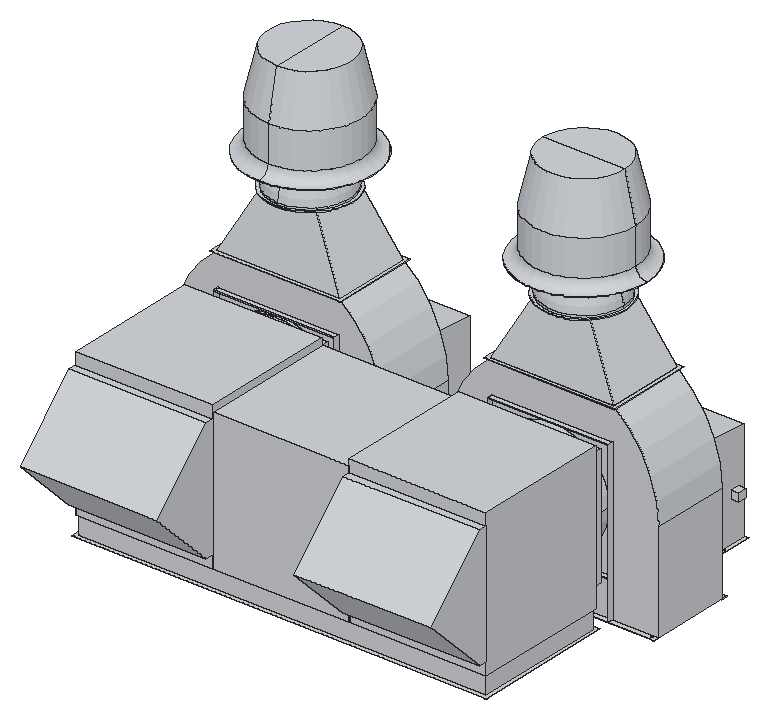
Revit family "Dual_CAVP_with_Mixing_Box", category Mechanical Equipment, Revit 2019 (continued)
Types (228): name | TRANSITION/2 | TRANSITION | RO2/2 | RO/2 | N_B_R+1.5" | MB_P+MB_P+.5 | E/52*30 | E/2-H/2 | E-N-N-H | E-(NOZZLE_RAD/3*2) | DUAL_Q-4.5" | DUAL_Q+.25" | DUAL_Q | R-((B/2)+1.5") | R+((B/2)+1.5") | R*1.1 | R | MB_P-4.5" | MB_P+.25" | P | NOZZLE_WB_RAD-2" | NOZZLE_WB_RAD | NOZZLE_WB_OD | NOZZLE_WB/4 | NOZZLE_TOP_RAD | NOZZLE_TOP_OD | NOZZLE_SIZE | NOZZLE_HEIGHT/7*2 | NOZZLE_HEIGHT | NOZZLE_BOTTOM_RAD-3*2 | NOZZLE_BOTTOM_RAD | NOZZLE_BOTTOM_ID | MB_N-(D-J-K-L) | N+(H/2) | N | MB_Q | MB_P | MB_N | MB_HEIGHT/2 | MB_HEIGHT | MB_F | MB_A | M-(2*(D-L-K-J)) | M | L | K | J+K+L | J | HEIGHT | H/2 | H | F/2 | MB_F-3" | F | E/52*15 | E/2 | E | D-M | D-L-K-J | D | CLASS | C/2 | C | B/4 | B/2 | B | A/2 | A | Type Comments | -MB_P-.25 | -MB_P | -MB_HEIGHT | -(F-((F-H)/2))/2 | -((MB_Q / 2) + 1/8") | (NOZZLE_WB_OD - NOZZLE_TOP_OD) / 4 | (NOZZLE_HEIGHT - (NOZZLE_HEIGHT / 8 * 2)) / 2 | (MB_Q/2)+.125" | (MB_P/2-.125")-((F / 2) - 2") | (MB_P/2-.125")+((F / 2) - 2") | (MB_P/2)+.125" | (M - (2 * (D - L - K - J)))/2 | (F-((F-H)/2))/2 | (E/2)-(E/52*15) | (E/2)-((MB_P/2)+.125") | (E/2)-((B/2)+1.5") | (D-J-K-L)*2 | (B/2)-.125" | (B/2)+1.5" | ((M - (2 * (D - L - K - J))) / 2) + (TRANSITION / 2)
  Dual_300_CAVP-15H_CLASS_2_With_Mixing_Box | 7.5572" | 15.11441" | 66 15/16" | 20 3/4" | 12 3/16" | 92 1/2" | 36.77885" | 14 3/16" | 2" | 24 3/4" | 133 7/8" | 138 5/8" | 138 3/8" | 11 1/32" | 48 31/32" | 33" | 30" | 41 1/2" | 46 1/4" | 18 1/4" | 16" | 18" | 36" | 7.2" | 11 1/2" | 23" | 15" | 10 3/4" | 43" | 4 11/16" | 10 11/16" | 21 3/8" | 13 3/16" | 29 7/8" | 12 3/16" | 46" | 46" | 14 3/16" | 25 3/8" | 50 3/4" | 7 3/4" | 144" | 23 3/16" | 25 3/16" | 27 3/16" | 23" | 60 3/16" | 10" | 57.83963" | 17 11/16" | 35 3/8" | 18 11/16" | 4 3/4" | 37 3/8" | 18.38942" | 31 7/8" | 63 3/4" | 36" | 1" | 61 3/16" | 2" | 37 15/32" | 74 15/16" | 8 47/64" | 17 15/32" | 34 15/16" | 61 7/32" | 122 7/16" | "Dual Vari-Plume Laboratory Exhaust Centrifugal Airfoil Class 2 Arr 10 With Mixing Box" | -46 1/4" | -46" | -50 3/4" | -16 11/16" | -23 1/8" | 3 1/4" | 16 1/8" | 23 1/8" | -6 3/16" | -39 9/16" | 23 1/8" | 11 19/32" | 16 11/16" | 13.48558" | 8 3/4" | 12 29/32" | 2" | 17 11/32" | 18 31/32" | 19.15095"
  Dual_300_CAVP-18L_CLASS_2_With_Mixing_Box | 9.05981" | 18.11961" | 66 15/16" | 20 3/4" | 14 5/16" | 92 1/2" | 36.77885" | 14 3/16" | 2" | 23.33333" | 133 7/8" | 138 5/8" | 138 3/8" | 11 1/32" | 48 31/32" | 33" | 30" | 41 1/2" | 46 1/4" | 18 1/4" | 19 1/2" | 21 1/2" | 43" | 8.6" | 13 3/4" | 27 1/2" | 18" | 12" | 48" | 6 13/16" | 12 13/16" | 25 5/8" | 13 3/16" | 29 7/8" | 12 3/16" | 46" | 46" | 14 3/16" | 25 3/8" | 50 3/4" | 7 3/4" | 144" | 23 3/16" | 25 3/16" | 27 3/16" | 23" | 60 3/16" | 10" | 57.83963" | 17 11/16" | 35 3/8" | 18 11/16" | 4 3/4" | 37 3/8" | 18.38942" | 31 7/8" | 63 3/4" | 36" | 1" | 61 3/16" | 2" | 37 15/32" | 74 15/16" | 8 47/64" | 17 15/32" | 34 15/16" | 61 7/32" | 122 7/16" | "Dual Vari-Plume Laboratory Exhaust Centrifugal Airfoil Class 2 Arr 10 With Mixing Box" | -46 1/4" | -46" | -50 3/4" | -16 11/16" | -23 1/8" | 3 7/8" | 18" | 23 1/8" | -6 3/16" | -39 9/16" | 23 1/8" | 11 19/32" | 16 11/16" | 13.48558" | 8 3/4" | 12 29/32" | 2" | 17 11/32" | 18 31/32" | 20.65356"
  Dual_300_CAVP-18H_CLASS_2_With_Mixing_Box | 9.05981" | 18.11961" | 66 15/16" | 20 3/4" | 14 5/16" | 92 1/2" | 36.77885" | 14 3/16" | 2" | 23.33333" | 133 7/8" | 138 5/8" | 138 3/8" | 11 1/32" | 48 31/32" | 33" | 30" | 41 1/2" | 46 1/4" | 18 1/4" | 19 1/2" | 21 1/2" | 43" | 8.6" | 13 3/4" | 27 1/2" | 18" | 12" | 48" | 6 13/16" | 12 13/16" | 25 5/8" | 13 3/16" | 29 7/8" | 12 3/16" | 46" | 46" | 14 3/16" | 25 3/8" | 50 3/4" | 7 3/4" | 144" | 23 3/16" | 25 3/16" | 27 3/16" | 23" | 60 3/16" | 10" | 57.83963" | 17 11/16" | 35 3/8" | 18 11/16" | 4 3/4" | 37 3/8" | 18.38942" | 31 7/8" | 63 3/4" | 36" | 1" | 61 3/16" | 2" | 37 15/32" | 74 15/16" | 8 47/64" | 17 15/32" | 34 15/16" | 61 7/32" | 122 7/16" | "Dual Vari-Plume Laboratory Exhaust Centrifugal Airfoil Class 2 Arr 10 With Mixing Box" | -46 1/4" | -46" | -50 3/4" | -16 11/16" | -23 1/8" | 3 7/8" | 18" | 23 1/8" | -6 3/16" | -39 9/16" | 23 1/8" | 11 19/32" | 16 11/16" | 13.48558" | 8 3/4" | 12 29/32" | 2" | 17 11/32" | 18 31/32" | 20.65356"
  Dual_330_CAVP-15L_CLASS_1_With_Mixing_Box | 7.5572" | 15.11441" | 71 7/16" | 22 1/4" | 12 3/16" | 98 1/2" | 40.34856" | 15 25/32" | 2" | 27 27/32" | 142 7/8" | 147 5/8" | 147 3/8" | 12 17/32" | 53 15/32" | 36.3" | 33" | 44 1/2" | 49 1/4" | 60" | 16" | 18" | 36" | 7.2" | 11 1/2" | 23" | 15" | 10 3/4" | 43" | 4 11/16" | 10 11/16" | 21 3/8" | 13 3/16" | 32 31/32" | 13 25/32" | 49" | 49" | 14 3/16" | 26 7/8" | 53 3/4" | 9 1/4" | 148 1/16" | 25 1/2" | 27 1/2" | 29 1/2" | 19 1/4" | 59 1/4" | 10 1/2" | 63.54171" | 19 3/16" | 38 3/8" | 20 3/16" | 6 1/4" | 40 3/8" | 20.17428" | 34 31/32" | 69 15/16" | 32 3/4" | 1" | 60 1/4" | 1" | 41 13/32" | 82 13/16" | 9 31/64" | 18 31/32" | 37 15/16" | 72 7/32" | 144 7/16" | "Dual Vari-Plume Laboratory Exhaust Centrifugal Airfoil Class 1 Arr 10 With Mixing Box" | -49 1/4" | -49" | -53 3/4" | -18 3/16" | -24 5/8" | 3 1/4" | 16 1/8" | 24 5/8" | -6 3/16" | -42 9/16" | 24 5/8" | 12 3/4" | 18 3/16" | 14.79447" | 10 11/32" | 14 1/2" | 2" | 18 27/32" | 20 15/32" | 20.3072"
  Dual_330_CAVP-15H_CLASS_1_With_Mixing_Box | 7.5572" | 15.11441" | 71 7/16" | 22 1/4" | 12 3/16" | 98 1/2" | 40.34856" | 15 25/32" | 2" | 27 27/32" | 142 7/8" | 147 5/8" | 147 3/8" | 12 17/32" | 53 15/32" | 36.3" | 33" | 44 1/2" | 49 1/4" | 60" | 16" | 18" | 36" | 7.2" | 11 1/2" | 23" | 15" | 10 3/4" | 43" | 4 11/16" | 10 11/16" | 21 3/8" | 13 3/16" | 32 31/32" | 13 25/32" | 49" | 49" | 14 3/16" | 26 7/8" | 53 3/4" | 9 1/4" | 148 1/16" | 25 1/2" | 27 1/2" | 29 1/2" | 19 1/4" | 59 1/4" | 10 1/2" | 63.54171" | 19 3/16" | 38 3/8" | 20 3/16" | 6 1/4" | 40 3/8" | 20.17428" | 34 31/32" | 69 15/16" | 32 3/4" | 1" | 60 1/4" | 1" | 41 13/32" | 82 13/16" | 9 31/64" | 18 31/32" | 37 15/16" | 72 7/32" | 144 7/16" | "Dual Vari-Plume Laboratory Exhaust Centrifugal Airfoil Class 1 Arr 10 With Mixing Box" | -49 1/4" | -49" | -53 3/4" | -18 3/16" | -24 5/8" | 3 1/4" | 16 1/8" | 24 5/8" | -6 3/16" | -42 9/16" | 24 5/8" | 12 3/4" | 18 3/16" | 14.79447" | 10 11/32" | 14 1/2" | 2" | 18 27/32" | 20 15/32" | 20.3072"
  Dual_330_CAVP-18L_CLASS_1_With_Mixing_Box | 9.05981" | 18.11961" | 71 7/16" | 22 1/4" | 14 5/16" | 98 1/2" | 40.34856" | 15 25/32" | 2" | 26.42708" | 142 7/8" | 147 5/8" | 147 3/8" | 12 17/32" | 53 15/32" | 36.3" | 33" | 44 1/2" | 49 1/4" | 60" | 19 1/2" | 21 1/2" | 43" | 8.6" | 13 3/4" | 27 1/2" | 18" | 12" | 48" | 6 13/16" | 12 13/16" | 25 5/8" | 13 3/16" | 32 31/32" | 13 25/32" | 49" | 49" | 14 3/16" | 26 7/8" | 53 3/4" | 9 1/4" | 148 1/16" | 25 1/2" | 27 1/2" | 29 1/2" | 19 1/4" | 59 1/4" | 10 1/2" | 63.54171" | 19 3/16" | 38 3/8" | 20 3/16" | 6 1/4" | 40 3/8" | 20.17428" | 34 31/32" | 69 15/16" | 32 3/4" | 1" | 60 1/4" | 1" | 41 13/32" | 82 13/16" | 9 31/64" | 18 31/32" | 37 15/16" | 72 7/32" | 144 7/16" | "Dual Vari-Plume Laboratory Exhaust Centrifugal Airfoil Class 1 Arr 10 With Mixing Box" | -49 1/4" | -49" | -53 3/4" | -18 3/16" | -24 5/8" | 3 7/8" | 18" | 24 5/8" | -6 3/16" | -42 9/16" | 24 5/8" | 12 3/4" | 18 3/16" | 14.79447" | 10 11/32" | 14 1/2" | 2" | 18 27/32" | 20 15/32" | 21.80981"
  Dual_330_CAVP-18H_CLASS_1_With_Mixing_Box | 9.05981" | 18.11961" | 71 7/16" | 22 1/4" | 14 5/16" | 98 1/2" | 40.34856" | 15 25/32" | 2" | 26.42708" | 142 7/8" | 147 5/8" | 147 3/8" | 12 17/32" | 53 15/32" | 36.3" | 33" | 44 1/2" | 49 1/4" | 60" | 19 1/2" | 21 1/2" | 43" | 8.6" | 13 3/4" | 27 1/2" | 18" | 12" | 48" | 6 13/16" | 12 13/16" | 25 5/8" | 13 3/16" | 32 31/32" | 13 25/32" | 49" | 49" | 14 3/16" | 26 7/8" | 53 3/4" | 9 1/4" | 148 1/16" | 25 1/2" | 27 1/2" | 29 1/2" | 19 1/4" | 59 1/4" | 10 1/2" | 63.54171" | 19 3/16" | 38 3/8" | 20 3/16" | 6 1/4" | 40 3/8" | 20.17428" | 34 31/32" | 69 15/16" | 32 3/4" | 1" | 60 1/4" | 1" | 41 13/32" | 82 13/16" | 9 31/64" | 18 31/32" | 37 15/16" | 72 7/32" | 144 7/16" | "Dual Vari-Plume Laboratory Exhaust Centrifugal Airfoil Class 1 Arr 10 With Mixing Box" | -49 1/4" | -49" | -53 3/4" | -18 3/16" | -24 5/8" | 3 7/8" | 18" | 24 5/8" | -6 3/16" | -42 9/16" | 24 5/8" | 12 3/4" | 18 3/16" | 14.79447" | 10 11/32" | 14 1/2" | 2" | 18 27/32" | 20 15/32" | 21.80981"
  Dual_330_CAVP-24L_CLASS_1_With_Mixing_Box | 12.28598" | 24.57196" | 71 7/16" | 22 1/4" | 18 7/8" | 98 1/2" | 40.34856" | 15 25/32" | 2" | 23.38542" | 142 7/8" | 147 5/8" | 147 3/8" | 12 17/32" | 53 15/32" | 36.3" | 33" | 44 1/2" | 49 1/4" | 60" | 28 1/2" | 30 1/2" | 61" | 12.2" | 18 1/4" | 36 1/2" | 24" | 15 1/2" | 62" | 11 3/8" | 17 3/8" | 34 3/4" | 13 3/16" | 32 31/32" | 13 25/32" | 49" | 49" | 14 3/16" | 26 7/8" | 53 3/4" | 9 1/4" | 148 1/16" | 25 1/2" | 27 1/2" | 29 1/2" | 19 1/4" | 59 1/4" | 10 1/2" | 63.54171" | 19 3/16" | 38 3/8" | 20 3/16" | 6 1/4" | 40 3/8" | 20.17428" | 34 31/32" | 69 15/16" | 32 3/4" | 1" | 60 1/4" | 1" | 41 13/32" | 82 13/16" | 9 31/64" | 18 31/32" | 37 15/16" | 72 7/32" | 144 7/16" | "Dual Vari-Plume Laboratory Exhaust Centrifugal Airfoil Class 1 Arr 10 With Mixing Box" | -49 1/4" | -49" | -53 3/4" | -18 3/16" | -24 5/8" | 6 1/8" | 23 1/4" | 24 5/8" | -6 3/16" | -42 9/16" | 24 5/8" | 12 3/4" | 18 3/16" | 14.79447" | 10 11/32" | 14 1/2" | 2" | 18 27/32" | 20 15/32" | 25.03598"
  Dual_330_CAVP-24H_CLASS_1_With_Mixing_Box | 12.28598" | 24.57196" | 71 7/16" | 22 1/4" | 18 7/8" | 98 1/2" | 40.34856" | 15 25/32" | 2" | 23.38542" | 142 7/8" | 147 5/8" | 147 3/8" | 12 17/32" | 53 15/32" | 36.3" | 33" | 44 1/2" | 49 1/4" | 60" | 28 1/2" | 30 1/2" | 61" | 12.2" | 18 1/4" | 36 1/2" | 24" | 15 1/2" | 62" | 11 3/8" | 17 3/8" | 34 3/4" | 13 3/16" | 32 31/32" | 13 25/32" | 49" | 49" | 14 3/16" | 26 7/8" | 53 3/4" | 9 1/4" | 148 1/16" | 25 1/2" | 27 1/2" | 29 1/2" | 19 1/4" | 59 1/4" | 10 1/2" | 63.54171" | 19 3/16" | 38 3/8" | 20 3/16" | 6 1/4" | 40 3/8" | 20.17428" | 34 31/32" | 69 15/16" | 32 3/4" | 1" | 60 1/4" | 1" | 41 13/32" | 82 13/16" | 9 31/64" | 18 31/32" | 37 15/16" | 72 7/32" | 144 7/16" | "Dual Vari-Plume Laboratory Exhaust Centrifugal Airfoil Class 1 Arr 10 With Mixing Box" | -49 1/4" | -49" | -53 3/4" | -18 3/16" | -24 5/8" | 6 1/8" | 23 1/4" | 24 5/8" | -6 3/16" | -42 9/16" | 24 5/8" | 12 3/4" | 18 3/16" | 14.79447" | 10 11/32" | 14 1/2" | 2" | 18 27/32" | 20 15/32" | 25.03598"
  Dual_330_CAVP-15L_CLASS_2_With_Mixing_Box | 7.5572" | 15.11441" | 71 7/16" | 22 1/4" | 12 3/16" | 98 1/2" | 40.34856" | 15 25/32" | 2" | 27 27/32" | 142 7/8" | 147 5/8" | 147 3/8" | 12 17/32" | 53 15/32" | 36.3" | 33" | 44 1/2" | 49 1/4" | 60" | 16" | 18" | 36" | 7.2" | 11 1/2" | 23" | 15" | 10 3/4" | 43" | 4 11/16" | 10 11/16" | 21 3/8" | 13 3/16" | 32 31/32" | 13 25/32" | 49" | 49" | 14 3/16" | 26 7/8" | 53 3/4" | 9 1/4" | 151 13/16" | 25 1/2" | 27 1/2" | 29 1/2" | 23" | 63" | 10 1/2" | 63.54171" | 19 3/16" | 38 3/8" | 20 3/16" | 6 1/4" | 40 3/8" | 20.17428" | 34 31/32" | 69 15/16" | 36 1/2" | 1" | 64" | 2" | 41 13/32" | 82 13/16" | 9 31/64" | 18 31/32" | 37 15/16" | 72 7/32" | 144 7/16" | "Dual Vari-Plume Laboratory Exhaust Centrifugal Airfoil Class 2 Arr 10 With Mixing Box" | -49 1/4" | -49" | -53 3/4" | -18 3/16" | -24 5/8" | 3 1/4" | 16 1/8" | 24 5/8" | -6 3/16" | -42 9/16" | 24 5/8" | 12 3/4" | 18 3/16" | 14.79447" | 10 11/32" | 14 1/2" | 2" | 18 27/32" | 20 15/32" | 20.3072"
  Dual_330_CAVP-15H_CLASS_2_With_Mixing_Box | 7.5572" | 15.11441" | 71 7/16" | 22 1/4" | 12 3/16" | 98 1/2" | 40.34856" | 15 25/32" | 2" | 27 27/32" | 142 7/8" | 147 5/8" | 147 3/8" | 12 17/32" | 53 15/32" | 36.3" | 33" | 44 1/2" | 49 1/4" | 60" | 16" | 18" | 36" | 7.2" | 11 1/2" | 23" | 15" | 10 3/4" | 43" | 4 11/16" | 10 11/16" | 21 3/8" | 13 3/16" | 32 31/32" | 13 25/32" | 49" | 49" | 14 3/16" | 26 7/8" | 53 3/4" | 9 1/4" | 151 13/16" | 25 1/2" | 27 1/2" | 29 1/2" | 23" | 63" | 10 1/2" | 63.54171" | 19 3/16" | 38 3/8" | 20 3/16" | 6 1/4" | 40 3/8" | 20.17428" | 34 31/32" | 69 15/16" | 36 1/2" | 1" | 64" | 2" | 41 13/32" | 82 13/16" | 9 31/64" | 18 31/32" | 37 15/16" | 72 7/32" | 144 7/16" | "Dual Vari-Plume Laboratory Exhaust Centrifugal Airfoil Class 2 Arr 10 With Mixing Box" | -49 1/4" | -49" | -53 3/4" | -18 3/16" | -24 5/8" | 3 1/4" | 16 1/8" | 24 5/8" | -6 3/16" | -42 9/16" | 24 5/8" | 12 3/4" | 18 3/16" | 14.79447" | 10 11/32" | 14 1/2" | 2" | 18 27/32" | 20 15/32" | 20.3072"
  Dual_330_CAVP-18L_CLASS_2_With_Mixing_Box | 9.05981" | 18.11961" | 71 7/16" | 22 1/4" | 14 5/16" | 98 1/2" | 40.34856" | 15 25/32" | 2" | 26.42708" | 142 7/8" | 147 5/8" | 147 3/8" | 12 17/32" | 53 15/32" | 36.3" | 33" | 44 1/2" | 49 1/4" | 60" | 19 1/2" | 21 1/2" | 43" | 8.6" | 13 3/4" | 27 1/2" | 18" | 12" | 48" | 6 13/16" | 12 13/16" | 25 5/8" | 13 3/16" | 32 31/32" | 13 25/32" | 49" | 49" | 14 3/16" | 26 7/8" | 53 3/4" | 9 1/4" | 151 13/16" | 25 1/2" | 27 1/2" | 29 1/2" | 23" | 63" | 10 1/2" | 63.54171" | 19 3/16" | 38 3/8" | 20 3/16" | 6 1/4" | 40 3/8" | 20.17428" | 34 31/32" | 69 15/16" | 36 1/2" | 1" | 64" | 2" | 41 13/32" | 82 13/16" | 9 31/64" | 18 31/32" | 37 15/16" | 72 7/32" | 144 7/16" | "Dual Vari-Plume Laboratory Exhaust Centrifugal Airfoil Class 2 Arr 10 With Mixing Box" | -49 1/4" | -49" | -53 3/4" | -18 3/16" | -24 5/8" | 3 7/8" | 18" | 24 5/8" | -6 3/16" | -42 9/16" | 24 5/8" | 12 3/4" | 18 3/16" | 14.79447" | 10 11/32" | 14 1/2" | 2" | 18 27/32" | 20 15/32" | 21.80981"
  Dual_330_CAVP-18H_CLASS_2_With_Mixing_Box | 9.05981" | 18.11961" | 71 7/16" | 22 1/4" | 14 5/16" | 98 1/2" | 40.34856" | 15 25/32" | 2" | 26.42708" | 142 7/8" | 147 5/8" | 147 3/8" | 12 17/32" | 53 15/32" | 36.3" | 33" | 44 1/2" | 49 1/4" | 60" | 19 1/2" | 21 1/2" | 43" | 8.6" | 13 3/4" | 27 1/2" | 18" | 12" | 48" | 6 13/16" | 12 13/16" | 25 5/8" | 13 3/16" | 32 31/32" | 13 25/32" | 49" | 49" | 14 3/16" | 26 7/8" | 53 3/4" | 9 1/4" | 151 13/16" | 25 1/2" | 27 1/2" | 29 1/2" | 23" | 63" | 10 1/2" | 63.54171" | 19 3/16" | 38 3/8" | 20 3/16" | 6 1/4" | 40 3/8" | 20.17428" | 34 31/32" | 69 15/16" | 36 1/2" | 1" | 64" | 2" | 41 13/32" | 82 13/16" | 9 31/64" | 18 31/32" | 37 15/16" | 72 7/32" | 144 7/16" | "Dual Vari-Plume Laboratory Exhaust Centrifugal Airfoil Class 2 Arr 10 With Mixing Box" | -49 1/4" | -49" | -53 3/4" | -18 3/16" | -24 5/8" | 3 7/8" | 18" | 24 5/8" | -6 3/16" | -42 9/16" | 24 5/8" | 12 3/4" | 18 3/16" | 14.79447" | 10 11/32" | 14 1/2" | 2" | 18 27/32" | 20 15/32" | 21.80981"
  Dual_330_CAVP-24L_CLASS_2_With_Mixing_Box | 12.28598" | 24.57196" | 71 7/16" | 22 1/4" | 18 7/8" | 98 1/2" | 40.34856" | 15 25/32" | 2" | 23.38542" | 142 7/8" | 147 5/8" | 147 3/8" | 12 17/32" | 53 15/32" | 36.3" | 33" | 44 1/2" | 49 1/4" | 60" | 28 1/2" | 30 1/2" | 61" | 12.2" | 18 1/4" | 36 1/2" | 24" | 15 1/2" | 62" | 11 3/8" | 17 3/8" | 34 3/4" | 13 3/16" | 32 31/32" | 13 25/32" | 49" | 49" | 14 3/16" | 26 7/8" | 53 3/4" | 9 1/4" | 151 13/16" | 25 1/2" | 27 1/2" | 29 1/2" | 23" | 63" | 10 1/2" | 63.54171" | 19 3/16" | 38 3/8" | 20 3/16" | 6 1/4" | 40 3/8" | 20.17428" | 34 31/32" | 69 15/16" | 36 1/2" | 1" | 64" | 2" | 41 13/32" | 82 13/16" | 9 31/64" | 18 31/32" | 37 15/16" | 72 7/32" | 144 7/16" | "Dual Vari-Plume Laboratory Exhaust Centrifugal Airfoil Class 2 Arr 10 With Mixing Box" | -49 1/4" | -49" | -53 3/4" | -18 3/16" | -24 5/8" | 6 1/8" | 23 1/4" | 24 5/8" | -6 3/16" | -42 9/16" | 24 5/8" | 12 3/4" | 18 3/16" | 14.79447" | 10 11/32" | 14 1/2" | 2" | 18 27/32" | 20 15/32" | 25.03598"
  Dual_330_CAVP-24H_CLASS_2_With_Mixing_Box | 12.28598" | 24.57196" | 71 7/16" | 22 1/4" | 18 7/8" | 98 1/2" | 40.34856" | 15 25/32" | 2" | 23.38542" | 142 7/8" | 147 5/8" | 147 3/8" | 12 17/32" | 53 15/32" | 36.3" | 33" | 44 1/2" | 49 1/4" | 60" | 28 1/2" | 30 1/2" | 61" | 12.2" | 18 1/4" | 36 1/2" | 24" | 15 1/2" | 62" | 11 3/8" | 17 3/8" | 34 3/4" | 13 3/16" | 32 31/32" | 13 25/32" | 49" | 49" | 14 3/16" | 26 7/8" | 53 3/4" | 9 1/4" | 151 13/16" | 25 1/2" | 27 1/2" | 29 1/2" | 23" | 63" | 10 1/2" | 63.54171" | 19 3/16" | 38 3/8" | 20 3/16" | 6 1/4" | 40 3/8" | 20.17428" | 34 31/32" | 69 15/16" | 36 1/2" | 1" | 64" | 2" | 41 13/32" | 82 13/16" | 9 31/64" | 18 31/32" | 37 15/16" | 72 7/32" | 144 7/16" | "Dual Vari-Plume Laboratory Exhaust Centrifugal Airfoil Class 2 Arr 10 With Mixing Box" | -49 1/4" | -49" | -53 3/4" | -18 3/16" | -24 5/8" | 6 1/8" | 23 1/4" | 24 5/8" | -6 3/16" | -42 9/16" | 24 5/8" | 12 3/4" | 18 3/16" | 14.79447" | 10 11/32" | 14 1/2" | 2" | 18 27/32" | 20 15/32" | 25.03598"
  Dual_365_CAVP-15L_CLASS_1_With_Mixing_Box | 7.5572" | 15.11441" | 75 15/16" | 23 3/4" | 12 3/16" | 104 1/2" | 44.60337" | 17 7/32" | 2" | 31 17/32" | 151 7/8" | 156 5/8" | 156 3/8" | 13 9/32" | 58 23/32" | 39.6" | 36" | 47 1/2" | 52 1/4" | 18 1/4" | 16" | 18" | 36" | 7.2" | 11 1/2" | 23" | 15" | 10 3/4" | 43" | 4 11/16" | 10 11/16" | 21 3/8" | 13 3/16" | 36 21/32" | 15 7/32" | 52" | 52" | 14 3/16" | 29 1/8" | 58 1/4" | 10 1/2" | 160 5/16" | 28 1/8" | 30 1/8" | 32 1/8" | 22 3/4" | 65 7/8" | 11" | 69.76237" | 21 7/16" | 42 7/8" | 22 7/16" | 7 1/2" | 44 7/8" | 22.30168" | 38 21/32" | 77 5/16" | 36 3/4" | 1" | 66 7/8" | 1" | 46 3/32" | 92 3/16" | 10 39/64" | 21 7/32" | 42 7/16" | 76 29/32" | 153 13/16" | "Dual Vari-Plume Laboratory Exhaust Centrifugal Airfoil Class 1 Arr 10 With Mixing Box" | -52 1/4" | -52" | -58 1/4" | -20 7/16" | -26 1/8" | 3 1/4" | 16 1/8" | 26 1/8" | -5 7/16" | -46 5/16" | 26 1/8" | 14 1/16" | 20 7/16" | 16.35457" | 12 17/32" | 15 15/16" | 2" | 21 3/32" | 22 23/32" | 21.6197"
  Dual_365_CAVP-15H_CLASS_1_With_Mixing_Box | 7.5572" | 15.11441" | 75 15/16" | 23 3/4" | 12 3/16" | 104 1/2" | 44.60337" | 17 7/32" | 2" | 31 17/32" | 151 7/8" | 156 5/8" | 156 3/8" | 13 9/32" | 58 23/32" | 39.6" | 36" | 47 1/2" | 52 1/4" | 18 1/4" | 16" | 18" | 36" | 7.2" | 11 1/2" | 23" | 15" | 10 3/4" | 43" | 4 11/16" | 10 11/16" | 21 3/8" | 13 3/16" | 36 21/32" | 15 7/32" | 52" | 52" | 14 3/16" | 29 1/8" | 58 1/4" | 10 1/2" | 160 5/16" | 28 1/8" | 30 1/8" | 32 1/8" | 22 3/4" | 65 7/8" | 11" | 69.76237" | 21 7/16" | 42 7/8" | 22 7/16" | 7 1/2" | 44 7/8" | 22.30168" | 38 21/32" | 77 5/16" | 36 3/4" | 1" | 66 7/8" | 1" | 46 3/32" | 92 3/16" | 10 39/64" | 21 7/32" | 42 7/16" | 76 29/32" | 153 13/16" | "Dual Vari-Plume Laboratory Exhaust Centrifugal Airfoil Class 1 Arr 10 With Mixing Box" | -52 1/4" | -52" | -58 1/4" | -20 7/16" | -26 1/8" | 3 1/4" | 16 1/8" | 26 1/8" | -5 7/16" | -46 5/16" | 26 1/8" | 14 1/16" | 20 7/16" | 16.35457" | 12 17/32" | 15 15/16" | 2" | 21 3/32" | 22 23/32" | 21.6197"
  Dual_365_CAVP-18L_CLASS_1_With_Mixing_Box | 9.05981" | 18.11961" | 75 15/16" | 23 3/4" | 14 5/16" | 104 1/2" | 44.60337" | 17 7/32" | 2" | 30.11458" | 151 7/8" | 156 5/8" | 156 3/8" | 13 9/32" | 58 23/32" | 39.6" | 36" | 47 1/2" | 52 1/4" | 18 1/4" | 19 1/2" | 21 1/2" | 43" | 8.6" | 13 3/4" | 27 1/2" | 18" | 12" | 48" | 6 13/16" | 12 13/16" | 25 5/8" | 13 3/16" | 36 21/32" | 15 7/32" | 52" | 52" | 14 3/16" | 29 1/8" | 58 1/4" | 10 1/2" | 160 5/16" | 28 1/8" | 30 1/8" | 32 1/8" | 22 3/4" | 65 7/8" | 11" | 69.76237" | 21 7/16" | 42 7/8" | 22 7/16" | 7 1/2" | 44 7/8" | 22.30168" | 38 21/32" | 77 5/16" | 36 3/4" | 1" | 66 7/8" | 1" | 46 3/32" | 92 3/16" | 10 39/64" | 21 7/32" | 42 7/16" | 76 29/32" | 153 13/16" | "Dual Vari-Plume Laboratory Exhaust Centrifugal Airfoil Class 1 Arr 10 With Mixing Box" | -52 1/4" | -52" | -58 1/4" | -20 7/16" | -26 1/8" | 3 7/8" | 18" | 26 1/8" | -5 7/16" | -46 5/16" | 26 1/8" | 14 1/16" | 20 7/16" | 16.35457" | 12 17/32" | 15 15/16" | 2" | 21 3/32" | 22 23/32" | 23.12231"
  Dual_365_CAVP-18H_CLASS_1_With_Mixing_Box | 9.05981" | 18.11961" | 75 15/16" | 23 3/4" | 14 5/16" | 104 1/2" | 44.60337" | 17 7/32" | 2" | 30.11458" | 151 7/8" | 156 5/8" | 156 3/8" | 13 9/32" | 58 23/32" | 39.6" | 36" | 47 1/2" | 52 1/4" | 18 1/4" | 19 1/2" | 21 1/2" | 43" | 8.6" | 13 3/4" | 27 1/2" | 18" | 12" | 48" | 6 13/16" | 12 13/16" | 25 5/8" | 13 3/16" | 36 21/32" | 15 7/32" | 52" | 52" | 14 3/16" | 29 1/8" | 58 1/4" | 10 1/2" | 160 5/16" | 28 1/8" | 30 1/8" | 32 1/8" | 22 3/4" | 65 7/8" | 11" | 69.76237" | 21 7/16" | 42 7/8" | 22 7/16" | 7 1/2" | 44 7/8" | 22.30168" | 38 21/32" | 77 5/16" | 36 3/4" | 1" | 66 7/8" | 1" | 46 3/32" | 92 3/16" | 10 39/64" | 21 7/32" | 42 7/16" | 76 29/32" | 153 13/16" | "Dual Vari-Plume Laboratory Exhaust Centrifugal Airfoil Class 1 Arr 10 With Mixing Box" | -52 1/4" | -52" | -58 1/4" | -20 7/16" | -26 1/8" | 3 7/8" | 18" | 26 1/8" | -5 7/16" | -46 5/16" | 26 1/8" | 14 1/16" | 20 7/16" | 16.35457" | 12 17/32" | 15 15/16" | 2" | 21 3/32" | 22 23/32" | 23.12231"
  Dual_365_CAVP-24L_CLASS_1_With_Mixing_Box | 12.28598" | 24.57196" | 75 15/16" | 23 3/4" | 18 7/8" | 104 1/2" | 44.60337" | 17 7/32" | 2" | 27.07292" | 151 7/8" | 156 5/8" | 156 3/8" | 13 9/32" | 58 23/32" | 39.6" | 36" | 47 1/2" | 52 1/4" | 18 1/4" | 28 1/2" | 30 1/2" | 61" | 12.2" | 18 1/4" | 36 1/2" | 24" | 15 1/2" | 62" | 11 3/8" | 17 3/8" | 34 3/4" | 13 3/16" | 36 21/32" | 15 7/32" | 52" | 52" | 14 3/16" | 29 1/8" | 58 1/4" | 10 1/2" | 160 5/16" | 28 1/8" | 30 1/8" | 32 1/8" | 22 3/4" | 65 7/8" | 11" | 69.76237" | 21 7/16" | 42 7/8" | 22 7/16" | 7 1/2" | 44 7/8" | 22.30168" | 38 21/32" | 77 5/16" | 36 3/4" | 1" | 66 7/8" | 1" | 46 3/32" | 92 3/16" | 10 39/64" | 21 7/32" | 42 7/16" | 76 29/32" | 153 13/16" | "Dual Vari-Plume Laboratory Exhaust Centrifugal Airfoil Class 1 Arr 10 With Mixing Box" | -52 1/4" | -52" | -58 1/4" | -20 7/16" | -26 1/8" | 6 1/8" | 23 1/4" | 26 1/8" | -5 7/16" | -46 5/16" | 26 1/8" | 14 1/16" | 20 7/16" | 16.35457" | 12 17/32" | 15 15/16" | 2" | 21 3/32" | 22 23/32" | 26.34848"
  Dual_365_CAVP-24H_CLASS_1_With_Mixing_Box | 12.28598" | 24.57196" | 75 15/16" | 23 3/4" | 18 7/8" | 104 1/2" | 44.60337" | 17 7/32" | 2" | 27.07292" | 151 7/8" | 156 5/8" | 156 3/8" | 13 9/32" | 58 23/32" | 39.6" | 36" | 47 1/2" | 52 1/4" | 18 1/4" | 28 1/2" | 30 1/2" | 61" | 12.2" | 18 1/4" | 36 1/2" | 24" | 15 1/2" | 62" | 11 3/8" | 17 3/8" | 34 3/4" | 13 3/16" | 36 21/32" | 15 7/32" | 52" | 52" | 14 3/16" | 29 1/8" | 58 1/4" | 10 1/2" | 160 5/16" | 28 1/8" | 30 1/8" | 32 1/8" | 22 3/4" | 65 7/8" | 11" | 69.76237" | 21 7/16" | 42 7/8" | 22 7/16" | 7 1/2" | 44 7/8" | 22.30168" | 38 21/32" | 77 5/16" | 36 3/4" | 1" | 66 7/8" | 1" | 46 3/32" | 92 3/16" | 10 39/64" | 21 7/32" | 42 7/16" | 76 29/32" | 153 13/16" | "Dual Vari-Plume Laboratory Exhaust Centrifugal Airfoil Class 1 Arr 10 With Mixing Box" | -52 1/4" | -52" | -58 1/4" | -20 7/16" | -26 1/8" | 6 1/8" | 23 1/4" | 26 1/8" | -5 7/16" | -46 5/16" | 26 1/8" | 14 1/16" | 20 7/16" | 16.35457" | 12 17/32" | 15 15/16" | 2" | 21 3/32" | 22 23/32" | 26.34848"
  Dual_365_CAVP-15L_CLASS_2_With_Mixing_Box | 7.5572" | 15.11441" | 75 15/16" | 23 3/4" | 12 3/16" | 104 1/2" | 44.60337" | 17 7/32" | 2" | 31 17/32" | 151 7/8" | 156 5/8" | 156 3/8" | 13 9/32" | 58 23/32" | 39.6" | 36" | 47 1/2" | 52 1/4" | 18 1/2" | 16" | 18" | 36" | 7.2" | 11 1/2" | 23" | 15" | 10 3/4" | 43" | 4 11/16" | 10 11/16" | 21 3/8" | 13 3/16" | 36 21/32" | 15 7/32" | 52" | 52" | 14 3/16" | 29 1/8" | 58 1/4" | 10 1/2" | 160 9/16" | 28 1/8" | 30 1/8" | 32 1/8" | 23" | 66 1/8" | 11" | 69.76237" | 21 7/16" | 42 7/8" | 22 7/16" | 7 1/2" | 44 7/8" | 22.30168" | 38 21/32" | 77 5/16" | 37" | 1" | 67 1/8" | 2" | 46 3/32" | 92 3/16" | 10 39/64" | 21 7/32" | 42 7/16" | 76 29/32" | 153 13/16" | "Dual Vari-Plume Laboratory Exhaust Centrifugal Airfoil Class 2 Arr 10 With Mixing Box" | -52 1/4" | -52" | -58 1/4" | -20 7/16" | -26 1/8" | 3 1/4" | 16 1/8" | 26 1/8" | -5 7/16" | -46 5/16" | 26 1/8" | 14 1/16" | 20 7/16" | 16.35457" | 12 17/32" | 15 15/16" | 2" | 21 3/32" | 22 23/32" | 21.6197"
  Dual_365_CAVP-15H_CLASS_2_With_Mixing_Box | 7.5572" | 15.11441" | 75 15/16" | 23 3/4" | 12 3/16" | 104 1/2" | 44.60337" | 17 7/32" | 2" | 31 17/32" | 151 7/8" | 156 5/8" | 156 3/8" | 13 9/32" | 58 23/32" | 39.6" | 36" | 47 1/2" | 52 1/4" | 18 1/2" | 16" | 18" | 36" | 7.2" | 11 1/2" | 23" | 15" | 10 3/4" | 43" | 4 11/16" | 10 11/16" | 21 3/8" | 13 3/16" | 36 21/32" | 15 7/32" | 52" | 52" | 14 3/16" | 29 1/8" | 58 1/4" | 10 1/2" | 160 9/16" | 28 1/8" | 30 1/8" | 32 1/8" | 23" | 66 1/8" | 11" | 69.76237" | 21 7/16" | 42 7/8" | 22 7/16" | 7 1/2" | 44 7/8" | 22.30168" | 38 21/32" | 77 5/16" | 37" | 1" | 67 1/8" | 2" | 46 3/32" | 92 3/16" | 10 39/64" | 21 7/32" | 42 7/16" | 76 29/32" | 153 13/16" | "Dual Vari-Plume Laboratory Exhaust Centrifugal Airfoil Class 2 Arr 10 With Mixing Box" | -52 1/4" | -52" | -58 1/4" | -20 7/16" | -26 1/8" | 3 1/4" | 16 1/8" | 26 1/8" | -5 7/16" | -46 5/16" | 26 1/8" | 14 1/16" | 20 7/16" | 16.35457" | 12 17/32" | 15 15/16" | 2" | 21 3/32" | 22 23/32" | 21.6197"
  Dual_365_CAVP-18L_CLASS_2_With_Mixing_Box | 9.05981" | 18.11961" | 75 15/16" | 23 3/4" | 14 5/16" | 104 1/2" | 44.60337" | 17 7/32" | 2" | 30.11458" | 151 7/8" | 156 5/8" | 156 3/8" | 13 9/32" | 58 23/32" | 39.6" | 36" | 47 1/2" | 52 1/4" | 18 1/2" | 19 1/2" | 21 1/2" | 43" | 8.6" | 13 3/4" | 27 1/2" | 18" | 12" | 48" | 6 13/16" | 12 13/16" | 25 5/8" | 13 3/16" | 36 21/32" | 15 7/32" | 52" | 52" | 14 3/16" | 29 1/8" | 58 1/4" | 10 1/2" | 160 9/16" | 28 1/8" | 30 1/8" | 32 1/8" | 23" | 66 1/8" | 11" | 69.76237" | 21 7/16" | 42 7/8" | 22 7/16" | 7 1/2" | 44 7/8" | 22.30168" | 38 21/32" | 77 5/16" | 37" | 1" | 67 1/8" | 2" | 46 3/32" | 92 3/16" | 10 39/64" | 21 7/32" | 42 7/16" | 76 29/32" | 153 13/16" | "Dual Vari-Plume Laboratory Exhaust Centrifugal Airfoil Class 2 Arr 10 With Mixing Box" | -52 1/4" | -52" | -58 1/4" | -20 7/16" | -26 1/8" | 3 7/8" | 18" | 26 1/8" | -5 7/16" | -46 5/16" | 26 1/8" | 14 1/16" | 20 7/16" | 16.35457" | 12 17/32" | 15 15/16" | 2" | 21 3/32" | 22 23/32" | 23.12231"
  Dual_365_CAVP-18H_CLASS_2_With_Mixing_Box | 9.05981" | 18.11961" | 75 15/16" | 23 3/4" | 14 5/16" | 104 1/2" | 44.60337" | 17 7/32" | 2" | 30.11458" | 151 7/8" | 156 5/8" | 156 3/8" | 13 9/32" | 58 23/32" | 39.6" | 36" | 47 1/2" | 52 1/4" | 18 1/2" | 19 1/2" | 21 1/2" | 43" | 8.6" | 13 3/4" | 27 1/2" | 18" | 12" | 48" | 6 13/16" | 12 13/16" | 25 5/8" | 13 3/16" | 36 21/32" | 15 7/32" | 52" | 52" | 14 3/16" | 29 1/8" | 58 1/4" | 10 1/2" | 160 9/16" | 28 1/8" | 30 1/8" | 32 1/8" | 23" | 66 1/8" | 11" | 69.76237" | 21 7/16" | 42 7/8" | 22 7/16" | 7 1/2" | 44 7/8" | 22.30168" | 38 21/32" | 77 5/16" | 37" | 1" | 67 1/8" | 2" | 46 3/32" | 92 3/16" | 10 39/64" | 21 7/32" | 42 7/16" | 76 29/32" | 153 13/16" | "Dual Vari-Plume Laboratory Exhaust Centrifugal Airfoil Class 2 Arr 10 With Mixing Box" | -52 1/4" | -52" | -58 1/4" | -20 7/16" | -26 1/8" | 3 7/8" | 18" | 26 1/8" | -5 7/16" | -46 5/16" | 26 1/8" | 14 1/16" | 20 7/16" | 16.35457" | 12 17/32" | 15 15/16" | 2" | 21 3/32" | 22 23/32" | 23.12231"
  Dual_365_CAVP-24L_CLASS_2_With_Mixing_Box | 12.28598" | 24.57196" | 75 15/16" | 23 3/4" | 18 7/8" | 104 1/2" | 44.60337" | 17 7/32" | 2" | 27.07292" | 151 7/8" | 156 5/8" | 156 3/8" | 13 9/32" | 58 23/32" | 39.6" | 36" | 47 1/2" | 52 1/4" | 18 1/2" | 28 1/2" | 30 1/2" | 61" | 12.2" | 18 1/4" | 36 1/2" | 24" | 15 1/2" | 62" | 11 3/8" | 17 3/8" | 34 3/4" | 13 3/16" | 36 21/32" | 15 7/32" | 52" | 52" | 14 3/16" | 29 1/8" | 58 1/4" | 10 1/2" | 160 9/16" | 28 1/8" | 30 1/8" | 32 1/8" | 23" | 66 1/8" | 11" | 69.76237" | 21 7/16" | 42 7/8" | 22 7/16" | 7 1/2" | 44 7/8" | 22.30168" | 38 21/32" | 77 5/16" | 37" | 1" | 67 1/8" | 2" | 46 3/32" | 92 3/16" | 10 39/64" | 21 7/32" | 42 7/16" | 76 29/32" | 153 13/16" | "Dual Vari-Plume Laboratory Exhaust Centrifugal Airfoil Class 2 Arr 10 With Mixing Box" | -52 1/4" | -52" | -58 1/4" | -20 7/16" | -26 1/8" | 6 1/8" | 23 1/4" | 26 1/8" | -5 7/16" | -46 5/16" | 26 1/8" | 14 1/16" | 20 7/16" | 16.35457" | 12 17/32" | 15 15/16" | 2" | 21 3/32" | 22 23/32" | 26.34848"
  Dual_365_CAVP-24H_CLASS_2_With_Mixing_Box | 12.28598" | 24.57196" | 75 15/16" | 23 3/4" | 18 7/8" | 104 1/2" | 44.60337" | 17 7/32" | 2" | 27.07292" | 151 7/8" | 156 5/8" | 156 3/8" | 13 9/32" | 58 23/32" | 39.6" | 36" | 47 1/2" | 52 1/4" | 18 1/2" | 28 1/2" | 30 1/2" | 61" | 12.2" | 18 1/4" | 36 1/2" | 24" | 15 1/2" | 62" | 11 3/8" | 17 3/8" | 34 3/4" | 13 3/16" | 36 21/32" | 15 7/32" | 52" | 52" | 14 3/16" | 29 1/8" | 58 1/4" | 10 1/2" | 160 9/16" | 28 1/8" | 30 1/8" | 32 1/8" | 23" | 66 1/8" | 11" | 69.76237" | 21 7/16" | 42 7/8" | 22 7/16" | 7 1/2" | 44 7/8" | 22.30168" | 38 21/32" | 77 5/16" | 37" | 1" | 67 1/8" | 2" | 46 3/32" | 92 3/16" | 10 39/64" | 21 7/32" | 42 7/16" | 76 29/32" | 153 13/16" | "Dual Vari-Plume Laboratory Exhaust Centrifugal Airfoil Class 2 Arr 10 With Mixing Box" | -52 1/4" | -52" | -58 1/4" | -20 7/16" | -26 1/8" | 6 1/8" | 23 1/4" | 26 1/8" | -5 7/16" | -46 5/16" | 26 1/8" | 14 1/16" | 20 7/16" | 16.35457" | 12 17/32" | 15 15/16" | 2" | 21 3/32" | 22 23/32" | 26.34848"
  Dual_402_CAVP-18L_CLASS_1_With_Mixing_Box | 9.05981" | 18.11961" | 81 15/16" | 25 3/4" | 14 5/16" | 112 1/2" | 49.0024" | 19 3/32" | 2" | 33.92708" | 163 7/8" | 168 5/8" | 168 3/8" | 15 29/32" | 64 3/32" | 44" | 40" | 51 1/2" | 56 1/4" | 18 1/4" | 19 1/2" | 21 1/2" | 43" | 8.6" | 13 3/4" | 27 1/2" | 18" | 12" | 48" | 6 13/16" | 12 13/16" | 25 5/8" | 12 3/16" | 40 15/32" | 17 3/32" | 56" | 56" | 13 9/16" | 32 1/4" | 64 1/2" | 12 5/8" | 171 1/16" | 31 1/2" | 34 1/4" | 36 1/2" | 21 7/8" | 70 7/8" | 12 1/2" | 77.09221" | 23 3/8" | 46 3/4" | 24 3/8" | 9 5/8" | 48 3/4" | 24.5012" | 42 15/32" | 84 15/16" | 38" | 1 3/8" | 72 1/4" | 1" | 50 3/8" | 100 3/4" | 11 19/64" | 22 19/32" | 45 3/16" | 89 3/8" | 178 3/4" | "Dual Vari-Plume Laboratory Exhaust Centrifugal Airfoil Class 1 Arr 10 With Mixing Box" | -56 1/4" | -56" | -64 1/2" | -22 3/8" | -28 1/8" | 3 7/8" | 18" | 28 1/8" | -5 1/2" | -50 1/4" | 28 1/8" | 15 3/4" | 22 3/8" | 17.96755" | 14 11/32" | 18 3/8" | 2 3/4" | 22 15/32" | 24 3/32" | 24.80981"
  Dual_402_CAVP-18H_CLASS_1_With_Mixing_Box | 9.05981" | 18.11961" | 81 15/16" | 25 3/4" | 14 5/16" | 112 1/2" | 49.0024" | 19 3/32" | 2" | 33.92708" | 163 7/8" | 168 5/8" | 168 3/8" | 15 29/32" | 64 3/32" | 44" | 40" | 51 1/2" | 56 1/4" | 18 1/4" | 19 1/2" | 21 1/2" | 43" | 8.6" | 13 3/4" | 27 1/2" | 18" | 12" | 48" | 6 13/16" | 12 13/16" | 25 5/8" | 12 3/16" | 40 15/32" | 17 3/32" | 56" | 56" | 13 9/16" | 32 1/4" | 64 1/2" | 12 5/8" | 171 1/16" | 31 1/2" | 34 1/4" | 36 1/2" | 21 7/8" | 70 7/8" | 12 1/2" | 77.09221" | 23 3/8" | 46 3/4" | 24 3/8" | 9 5/8" | 48 3/4" | 24.5012" | 42 15/32" | 84 15/16" | 38" | 1 3/8" | 72 1/4" | 1" | 50 3/8" | 100 3/4" | 11 19/64" | 22 19/32" | 45 3/16" | 89 3/8" | 178 3/4" | "Dual Vari-Plume Laboratory Exhaust Centrifugal Airfoil Class 1 Arr 10 With Mixing Box" | -56 1/4" | -56" | -64 1/2" | -22 3/8" | -28 1/8" | 3 7/8" | 18" | 28 1/8" | -5 1/2" | -50 1/4" | 28 1/8" | 15 3/4" | 22 3/8" | 17.96755" | 14 11/32" | 18 3/8" | 2 3/4" | 22 15/32" | 24 3/32" | 24.80981"
  Dual_402_CAVP-24L_CLASS_1_With_Mixing_Box | 12.28598" | 24.57196" | 81 15/16" | 25 3/4" | 18 7/8" | 112 1/2" | 49.0024" | 19 3/32" | 2" | 30.88542" | 163 7/8" | 168 5/8" | 168 3/8" | 15 29/32" | 64 3/32" | 44" | 40" | 51 1/2" | 56 1/4" | 18 1/4" | 28 1/2" | 30 1/2" | 61" | 12.2" | 18 1/4" | 36 1/2" | 24" | 15 1/2" | 62" | 11 3/8" | 17 3/8" | 34 3/4" | 12 3/16" | 40 15/32" | 17 3/32" | 56" | 56" | 13 9/16" | 32 1/4" | 64 1/2" | 12 5/8" | 171 1/16" | 31 1/2" | 34 1/4" | 36 1/2" | 21 7/8" | 70 7/8" | 12 1/2" | 77.09221" | 23 3/8" | 46 3/4" | 24 3/8" | 9 5/8" | 48 3/4" | 24.5012" | 42 15/32" | 84 15/16" | 38" | 1 3/8" | 72 1/4" | 1" | 50 3/8" | 100 3/4" | 11 19/64" | 22 19/32" | 45 3/16" | 89 3/8" | 178 3/4" | "Dual Vari-Plume Laboratory Exhaust Centrifugal Airfoil Class 1 Arr 10 With Mixing Box" | -56 1/4" | -56" | -64 1/2" | -22 3/8" | -28 1/8" | 6 1/8" | 23 1/4" | 28 1/8" | -5 1/2" | -50 1/4" | 28 1/8" | 15 3/4" | 22 3/8" | 17.96755" | 14 11/32" | 18 3/8" | 2 3/4" | 22 15/32" | 24 3/32" | 28.03598"
  Dual_402_CAVP-24H_CLASS_1_With_Mixing_Box | 12.28598" | 24.57196" | 81 15/16" | 25 3/4" | 18 7/8" | 112 1/2" | 49.0024" | 19 3/32" | 2" | 30.88542" | 163 7/8" | 168 5/8" | 168 3/8" | 15 29/32" | 64 3/32" | 44" | 40" | 51 1/2" | 56 1/4" | 18 1/4" | 28 1/2" | 30 1/2" | 61" | 12.2" | 18 1/4" | 36 1/2" | 24" | 15 1/2" | 62" | 11 3/8" | 17 3/8" | 34 3/4" | 12 3/16" | 40 15/32" | 17 3/32" | 56" | 56" | 13 9/16" | 32 1/4" | 64 1/2" | 12 5/8" | 171 1/16" | 31 1/2" | 34 1/4" | 36 1/2" | 21 7/8" | 70 7/8" | 12 1/2" | 77.09221" | 23 3/8" | 46 3/4" | 24 3/8" | 9 5/8" | 48 3/4" | 24.5012" | 42 15/32" | 84 15/16" | 38" | 1 3/8" | 72 1/4" | 1" | 50 3/8" | 100 3/4" | 11 19/64" | 22 19/32" | 45 3/16" | 89 3/8" | 178 3/4" | "Dual Vari-Plume Laboratory Exhaust Centrifugal Airfoil Class 1 Arr 10 With Mixing Box" | -56 1/4" | -56" | -64 1/2" | -22 3/8" | -28 1/8" | 6 1/8" | 23 1/4" | 28 1/8" | -5 1/2" | -50 1/4" | 28 1/8" | 15 3/4" | 22 3/8" | 17.96755" | 14 11/32" | 18 3/8" | 2 3/4" | 22 15/32" | 24 3/32" | 28.03598"
  Dual_402_CAVP-30L_CLASS_1_With_Mixing_Box | 15.02602" | 30.05204" | 81 15/16" | 25 3/4" | 22 3/4" | 112 1/2" | 49.0024" | 19 3/32" | 2" | 28.30208" | 163 7/8" | 168 5/8" | 168 3/8" | 15 29/32" | 64 3/32" | 44" | 40" | 51 1/2" | 56 1/4" | 18 1/4" | 35" | 37" | 74" | 14.8" | 22 3/4" | 45 1/2" | 30" | 19 1/2" | 78" | 15 1/4" | 21 1/4" | 42 1/2" | 12 3/16" | 40 15/32" | 17 3/32" | 56" | 56" | 13 9/16" | 32 1/4" | 64 1/2" | 12 5/8" | 171 1/16" | 31 1/2" | 34 1/4" | 36 1/2" | 21 7/8" | 70 7/8" | 12 1/2" | 77.09221" | 23 3/8" | 46 3/4" | 24 3/8" | 9 5/8" | 48 3/4" | 24.5012" | 42 15/32" | 84 15/16" | 38" | 1 3/8" | 72 1/4" | 1" | 50 3/8" | 100 3/4" | 11 19/64" | 22 19/32" | 45 3/16" | 89 3/8" | 178 3/4" | "Dual Vari-Plume Laboratory Exhaust Centrifugal Airfoil Class 1 Arr 10 With Mixing Box" | -56 1/4" | -56" | -64 1/2" | -22 3/8" | -28 1/8" | 7 1/8" | 29 1/4" | 28 1/8" | -5 1/2" | -50 1/4" | 28 1/8" | 15 3/4" | 22 3/8" | 17.96755" | 14 11/32" | 18 3/8" | 2 3/4" | 22 15/32" | 24 3/32" | 30.77602"
  Dual_402_CAVP-30H_CLASS_1_With_Mixing_Box | 15.02602" | 30.05204" | 81 15/16" | 25 3/4" | 22 3/4" | 112 1/2" | 49.0024" | 19 3/32" | 2" | 28.30208" | 163 7/8" | 168 5/8" | 168 3/8" | 15 29/32" | 64 3/32" | 44" | 40" | 51 1/2" | 56 1/4" | 18 1/4" | 35" | 37" | 74" | 14.8" | 22 3/4" | 45 1/2" | 30" | 19 1/2" | 78" | 15 1/4" | 21 1/4" | 42 1/2" | 12 3/16" | 40 15/32" | 17 3/32" | 56" | 56" | 13 9/16" | 32 1/4" | 64 1/2" | 12 5/8" | 171 1/16" | 31 1/2" | 34 1/4" | 36 1/2" | 21 7/8" | 70 7/8" | 12 1/2" | 77.09221" | 23 3/8" | 46 3/4" | 24 3/8" | 9 5/8" | 48 3/4" | 24.5012" | 42 15/32" | 84 15/16" | 38" | 1 3/8" | 72 1/4" | 1" | 50 3/8" | 100 3/4" | 11 19/64" | 22 19/32" | 45 3/16" | 89 3/8" | 178 3/4" | "Dual Vari-Plume Laboratory Exhaust Centrifugal Airfoil Class 1 Arr 10 With Mixing Box" | -56 1/4" | -56" | -64 1/2" | -22 3/8" | -28 1/8" | 7 1/8" | 29 1/4" | 28 1/8" | -5 1/2" | -50 1/4" | 28 1/8" | 15 3/4" | 22 3/8" | 17.96755" | 14 11/32" | 18 3/8" | 2 3/4" | 22 15/32" | 24 3/32" | 30.77602"
  Dual_402_CAVP-18L_CLASS_2_With_Mixing_Box | 9.05981" | 18.11961" | 81 15/16" | 25 3/4" | 14 5/16" | 112 1/2" | 49.0024" | 19 3/32" | 2" | 33.92708" | 163 7/8" | 168 5/8" | 168 3/8" | 15 29/32" | 64 3/32" | 44" | 40" | 51 1/2" | 56 1/4" | 19 1/2" | 19 1/2" | 21 1/2" | 43" | 8.6" | 13 3/4" | 27 1/2" | 18" | 12" | 48" | 6 13/16" | 12 13/16" | 25 5/8" | 12 3/16" | 40 15/32" | 17 3/32" | 56" | 56" | 13 9/16" | 32 1/4" | 64 1/2" | 12 5/8" | 171 1/16" | 31 1/2" | 34 1/4" | 36 1/2" | 21 7/8" | 70 7/8" | 12 1/2" | 77.09221" | 23 3/8" | 46 3/4" | 24 3/8" | 9 5/8" | 48 3/4" | 24.5012" | 42 15/32" | 84 15/16" | 38" | 1 3/8" | 72 1/4" | 2" | 50 3/8" | 100 3/4" | 11 19/64" | 22 19/32" | 45 3/16" | 89 3/8" | 178 3/4" | "Dual Vari-Plume Laboratory Exhaust Centrifugal Airfoil Class 2 Arr 10 With Mixing Box" | -56 1/4" | -56" | -64 1/2" | -22 3/8" | -28 1/8" | 3 7/8" | 18" | 28 1/8" | -5 1/2" | -50 1/4" | 28 1/8" | 15 3/4" | 22 3/8" | 17.96755" | 14 11/32" | 18 3/8" | 2 3/4" | 22 15/32" | 24 3/32" | 24.80981"
  Dual_402_CAVP-18H_CLASS_2_With_Mixing_Box | 9.05981" | 18.11961" | 81 15/16" | 25 3/4" | 14 5/16" | 112 1/2" | 49.0024" | 19 3/32" | 2" | 33.92708" | 163 7/8" | 168 5/8" | 168 3/8" | 15 29/32" | 64 3/32" | 44" | 40" | 51 1/2" | 56 1/4" | 19 1/2" | 19 1/2" | 21 1/2" | 43" | 8.6" | 13 3/4" | 27 1/2" | 18" | 12" | 48" | 6 13/16" | 12 13/16" | 25 5/8" | 12 3/16" | 40 15/32" | 17 3/32" | 56" | 56" | 13 9/16" | 32 1/4" | 64 1/2" | 12 5/8" | 171 1/16" | 31 1/2" | 34 1/4" | 36 1/2" | 21 7/8" | 70 7/8" | 12 1/2" | 77.09221" | 23 3/8" | 46 3/4" | 24 3/8" | 9 5/8" | 48 3/4" | 24.5012" | 42 15/32" | 84 15/16" | 38" | 1 3/8" | 72 1/4" | 2" | 50 3/8" | 100 3/4" | 11 19/64" | 22 19/32" | 45 3/16" | 89 3/8" | 178 3/4" | "Dual Vari-Plume Laboratory Exhaust Centrifugal Airfoil Class 2 Arr 10 With Mixing Box" | -56 1/4" | -56" | -64 1/2" | -22 3/8" | -28 1/8" | 3 7/8" | 18" | 28 1/8" | -5 1/2" | -50 1/4" | 28 1/8" | 15 3/4" | 22 3/8" | 17.96755" | 14 11/32" | 18 3/8" | 2 3/4" | 22 15/32" | 24 3/32" | 24.80981"
  Dual_402_CAVP-24L_CLASS_2_With_Mixing_Box | 12.28598" | 24.57196" | 81 15/16" | 25 3/4" | 18 7/8" | 112 1/2" | 49.0024" | 19 3/32" | 2" | 30.88542" | 163 7/8" | 168 5/8" | 168 3/8" | 15 29/32" | 64 3/32" | 44" | 40" | 51 1/2" | 56 1/4" | 19 1/2" | 28 1/2" | 30 1/2" | 61" | 12.2" | 18 1/4" | 36 1/2" | 24" | 15 1/2" | 62" | 11 3/8" | 17 3/8" | 34 3/4" | 11 1/4" | 40 15/32" | 17 3/32" | 56" | 56" | 12 5/8" | 32 1/4" | 64 1/2" | 12 5/8" | 171 1/16" | 31 1/2" | 34 1/4" | 36 1/2" | 21 7/8" | 70 7/8" | 12 1/2" | 77.09221" | 23 3/8" | 46 3/4" | 24 3/8" | 9 5/8" | 48 3/4" | 24.5012" | 42 15/32" | 84 15/16" | 38" | 1 3/8" | 72 1/4" | 2" | 50 3/8" | 100 3/4" | 11 19/64" | 22 19/32" | 45 3/16" | 89 3/8" | 178 3/4" | "Dual Vari-Plume Laboratory Exhaust Centrifugal Airfoil Class 2 Arr 10 With Mixing Box" | -56 1/4" | -56" | -64 1/2" | -22 3/8" | -28 1/8" | 6 1/8" | 23 1/4" | 28 1/8" | -5 1/2" | -50 1/4" | 28 1/8" | 15 3/4" | 22 3/8" | 17.96755" | 14 11/32" | 18 3/8" | 2 3/4" | 22 15/32" | 24 3/32" | 28.03598"
  Dual_402_CAVP-24H_CLASS_2_With_Mixing_Box | 12.28598" | 24.57196" | 81 15/16" | 25 3/4" | 18 7/8" | 112 1/2" | 49.0024" | 19 3/32" | 2" | 30.88542" | 163 7/8" | 168 5/8" | 168 3/8" | 15 29/32" | 64 3/32" | 44" | 40" | 51 1/2" | 56 1/4" | 19 1/2" | 28 1/2" | 30 1/2" | 61" | 12.2" | 18 1/4" | 36 1/2" | 24" | 15 1/2" | 62" | 11 3/8" | 17 3/8" | 34 3/4" | 12 3/16" | 40 15/32" | 17 3/32" | 56" | 56" | 13 9/16" | 32 1/4" | 64 1/2" | 12 5/8" | 171 1/16" | 31 1/2" | 34 1/4" | 36 1/2" | 21 7/8" | 70 7/8" | 12 1/2" | 77.09221" | 23 3/8" | 46 3/4" | 24 3/8" | 9 5/8" | 48 3/4" | 24.5012" | 42 15/32" | 84 15/16" | 38" | 1 3/8" | 72 1/4" | 2" | 50 3/8" | 100 3/4" | 11 19/64" | 22 19/32" | 45 3/16" | 89 3/8" | 178 3/4" | "Dual Vari-Plume Laboratory Exhaust Centrifugal Airfoil Class 2 Arr 10 With Mixing Box" | -56 1/4" | -56" | -64 1/2" | -22 3/8" | -28 1/8" | 6 1/8" | 23 1/4" | 28 1/8" | -5 1/2" | -50 1/4" | 28 1/8" | 15 3/4" | 22 3/8" | 17.96755" | 14 11/32" | 18 3/8" | 2 3/4" | 22 15/32" | 24 3/32" | 28.03598"
  Dual_402_CAVP-30L_CLASS_2_With_Mixing_Box | 15.02602" | 30.05204" | 81 15/16" | 25 3/4" | 22 3/4" | 112 1/2" | 49.0024" | 19 3/32" | 2" | 28.30208" | 163 7/8" | 168 5/8" | 168 3/8" | 15 29/32" | 64 3/32" | 44" | 40" | 51 1/2" | 56 1/4" | 19 1/2" | 35" | 37" | 74" | 14.8" | 22 3/4" | 45 1/2" | 30" | 19 1/2" | 78" | 15 1/4" | 21 1/4" | 42 1/2" | 12 3/16" | 40 15/32" | 17 3/32" | 56" | 56" | 13 9/16" | 32 1/4" | 64 1/2" | 12 5/8" | 171 1/16" | 31 1/2" | 34 1/4" | 36 1/2" | 21 7/8" | 70 7/8" | 12 1/2" | 77.09221" | 23 3/8" | 46 3/4" | 24 3/8" | 9 5/8" | 48 3/4" | 24.5012" | 42 15/32" | 84 15/16" | 38" | 1 3/8" | 72 1/4" | 2" | 50 3/8" | 100 3/4" | 11 19/64" | 22 19/32" | 45 3/16" | 89 3/8" | 178 3/4" | "Dual Vari-Plume Laboratory Exhaust Centrifugal Airfoil Class 2 Arr 10 With Mixing Box" | -56 1/4" | -56" | -64 1/2" | -22 3/8" | -28 1/8" | 7 1/8" | 29 1/4" | 28 1/8" | -5 1/2" | -50 1/4" | 28 1/8" | 15 3/4" | 22 3/8" | 17.96755" | 14 11/32" | 18 3/8" | 2 3/4" | 22 15/32" | 24 3/32" | 30.77602"
  Dual_402_CAVP-30H_CLASS_2_With_Mixing_Box | 15.02602" | 30.05204" | 81 15/16" | 25 3/4" | 22 3/4" | 112 1/2" | 49.0024" | 19 3/32" | 2" | 28.30208" | 163 7/8" | 168 5/8" | 168 3/8" | 15 29/32" | 64 3/32" | 44" | 40" | 51 1/2" | 56 1/4" | 19 1/2" | 35" | 37" | 74" | 14.8" | 22 3/4" | 45 1/2" | 30" | 19 1/2" | 78" | 15 1/4" | 21 1/4" | 42 1/2" | 12 3/16" | 40 15/32" | 17 3/32" | 56" | 56" | 13 9/16" | 32 1/4" | 64 1/2" | 12 5/8" | 171 1/16" | 31 1/2" | 34 1/4" | 36 1/2" | 21 7/8" | 70 7/8" | 12 1/2" | 77.09221" | 23 3/8" | 46 3/4" | 24 3/8" | 9 5/8" | 48 3/4" | 24.5012" | 42 15/32" | 84 15/16" | 38" | 1 3/8" | 72 1/4" | 2" | 50 3/8" | 100 3/4" | 11 19/64" | 22 19/32" | 45 3/16" | 89 3/8" | 178 3/4" | "Dual Vari-Plume Laboratory Exhaust Centrifugal Airfoil Class 2 Arr 10 With Mixing Box" | -56 1/4" | -56" | -64 1/2" | -22 3/8" | -28 1/8" | 7 1/8" | 29 1/4" | 28 1/8" | -5 1/2" | -50 1/4" | 28 1/8" | 15 3/4" | 22 3/8" | 17.96755" | 14 11/32" | 18 3/8" | 2 3/4" | 22 15/32" | 24 3/32" | 30.77602"
  Dual_445_CAVP-24H_CLASS_1_With_Mixing_Box | 12.28598" | 24.57196" | 87 15/16" | 27 3/4" | 18 7/8" | 120 1/2" | 54.05048" | 21 15/32" | 2" | 35.26042" | 175 7/8" | 180 5/8" | 180 3/8" | 17 25/32" | 70 7/32" | 48.4" | 44" | 55 1/2" | 60 1/4" | 18 1/4" | 28 1/2" | 30 1/2" | 61" | 12.2" | 18 1/4" | 36 1/2" | 24" | 15 1/2" | 62" | 11 3/8" | 17 3/8" | 34 3/4" | 12 3/16" | 44 27/32" | 19 15/32" | 60" | 60" | 13 9/16" | 34 7/8" | 69 3/4" | 14 1/2" | 186 3/16" | 34 3/4" | 37 1/2" | 39 3/4" | 25 7/8" | 78 5/8" | 13" | 84.91333" | 25 3/8" | 50 3/4" | 26 3/8" | 11 1/2" | 52 3/4" | 27.02524" | 46 27/32" | 93 11/16" | 42 1/2" | 1 3/8" | 80" | 1" | 56 7/16" | 112 7/8" | 12 23/64" | 24 23/32" | 49 7/16" | 95 7/16" | 190 7/8" | "Dual Vari-Plume Laboratory Exhaust Centrifugal Airfoil Class 1 Arr 10 With Mixing Box" | -60 1/4" | -60" | -69 3/4" | -24 3/8" | -30 1/8" | 6 1/8" | 23 1/4" | 30 1/8" | -5 1/2" | -54 1/4" | 30 1/8" | 17 3/8" | 24 3/8" | 19.81851" | 16 23/32" | 20 5/8" | 2 3/4" | 24 19/32" | 26 7/32" | 29.66098"
  Dual_445_CAVP-24L_CLASS_1_With_Mixing_Box | 12.28598" | 24.57196" | 87 15/16" | 27 3/4" | 18 7/8" | 120 1/2" | 54.05048" | 21 15/32" | 2" | 35.26042" | 175 7/8" | 180 5/8" | 180 3/8" | 17 25/32" | 70 7/32" | 48.4" | 44" | 55 1/2" | 60 1/4" | 18 1/4" | 28 1/2" | 30 1/2" | 61" | 12.2" | 18 1/4" | 36 1/2" | 24" | 15 1/2" | 62" | 11 3/8" | 17 3/8" | 34 3/4" | 12 3/16" | 44 27/32" | 19 15/32" | 60" | 60" | 13 9/16" | 34 7/8" | 69 3/4" | 14 1/2" | 186 3/16" | 34 3/4" | 37 1/2" | 39 3/4" | 25 7/8" | 78 5/8" | 13" | 84.91333" | 25 3/8" | 50 3/4" | 26 3/8" | 11 1/2" | 52 3/4" | 27.02524" | 46 27/32" | 93 11/16" | 42 1/2" | 1 3/8" | 80" | 1" | 56 7/16" | 112 7/8" | 12 23/64" | 24 23/32" | 49 7/16" | 95 7/16" | 190 7/8" | "Dual Vari-Plume Laboratory Exhaust Centrifugal Airfoil Class 1 Arr 10 With Mixing Box" | -60 1/4" | -60" | -69 3/4" | -24 3/8" | -30 1/8" | 6 1/8" | 23 1/4" | 30 1/8" | -5 1/2" | -54 1/4" | 30 1/8" | 17 3/8" | 24 3/8" | 19.81851" | 16 23/32" | 20 5/8" | 2 3/4" | 24 19/32" | 26 7/32" | 29.66098"
